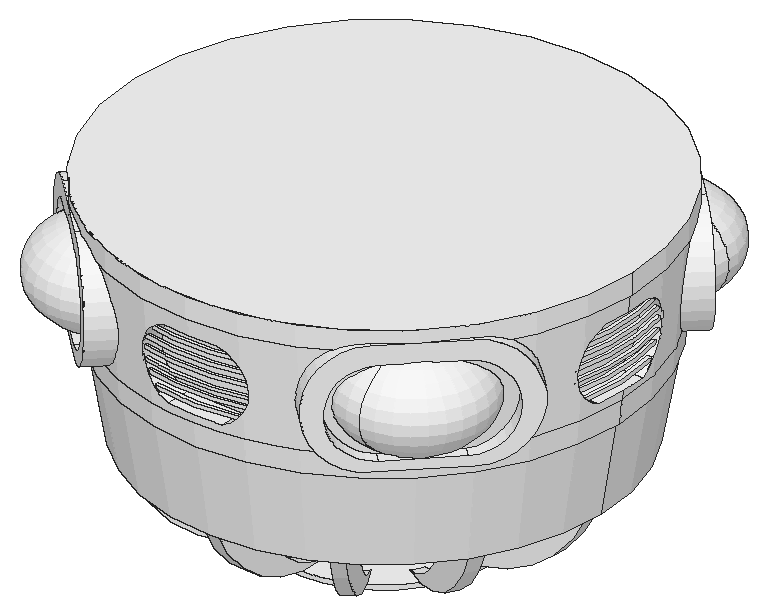
Revit family "Fireclass_Addressable Base Sounder_Visual Alarm Devices", category Fire Alarm Devices, host Ceiling, Revit 2014
Parameters (values of type "Fireclass Addressable Base Sounder-Beacon VAD Standard Power")
  Weight = "187g"
  Warranty Start Date = "TBC"
  Warranty Guarantor Parts = "Contact your supplier. If you don’t have your supplier contact details please contact tfsuk.service@tycoint.com"
  Warranty Guarantor Labor = "Contact your supplier. If you don’t have your supplier contact details please contact tfsuk.service@tycoint.com"
  Warranty Duration Unit = "Year"
  Warranty Duration Parts = "3 years (TBC)"
  Warranty Duration Labor = "3 years"
  Warranty Description = "N/A"
  Voltage = "20V-40V, 35V nominal"
  Version = "1"
  Usage Current = "N/A"
  Uniclass2 = "Pr_70_75_02_97"
  URL = "TBC"
  Time Constant = "N/A"
  Tag Number = "N/A"
  SuistainabilityPerformance = "N/A"
  Storage Temperature = "-25 to +70"
  Size = "N/A"
  Short Circuit Isolators = "Yes"
  Shape = "Circular"
  Serial Number = "N/A"
  Revision = "N/A"
  Replacement Cost = "N/A"
  Relative Humidity = "Up to 95% non-condensing"
  Reference = "N/A"
  Quiescent Current = "400uA"
  Product Specification = "FC440AVB FireClass Addressable Base Sounder Beacon VAD Standard Power"
  Product Information = "TBC"
  Product Codes = "576.440.006"
  Phase Reference = "N/A"
  Phase Angle = "N/A"
  Operation Temperature Range = "-25 to +70"
  Number Of Poles = "N/A"
  Nominal Width = 135.0 mm
  Nominal Voltage = "40 V DC"
  Nominal Length = 135.0 mm
  Nominal Height = 45.0 mm
  Nominal Frequency Range = "N/A"
  Nominal Current = "1.1A"
  Nominal  Diameter = 135.0 mm
  Name = "FC440AVB Add Sdr Base VAD Std"
  NBS Reference = "90-75-30/415"
  NBS Description = "Visual Alarm Signal Devices"
  Model Reference = "FC440AVB FireClass Addressable Base Sounder Beacon VAD Standard Power"
  Model = "FC440AVB"
  Material = "TBC"
  Manufacturer URL = "www.fireclass.co.uk"
  Manufacturer Name = "Tyco Fire Protection Products"
  Manufacturer = "Tyco Fire Protection Products"
  LED = yes
  Insulation Standard Class = "N/A"
  Installation Date = "TBC"
  Ifc Type Object = "IfcBuildingElementProxy"
  Ifc Export Type = "TBC"
  Ifc Export As = "TBC"
  IP_Code = "N/A"
  Heat Sensor Set Point = "N/A"
  Heat Sensor Range = "N/A"
  Heat Sensor Accuracy = "N/A"
  Has Protective Earth = "No"
  Grade = "N/A"
  Finish = "TBC"
  Features = "Addressable Base Sounder-Beacon VAD Standard Power"
  Expected Life = "N/A"
  Electrical Device Nominal Power = "490mW"
  Duration Unit = "Year"
  Device Bases = "N/A"
  Detector Type = "N/A"
  Description = "FC440AVB FireClass Addressable Base Sounder Beacon Visual Alarm Device White LEDs Standard Power"
  Coverage Area = "N/A"
  Constituents = "N/A"
  Colour = Transluscent
  Code Performance = "N/A"
  Category = "Pr_70_75_02_97"
  Brand = "FireClass"
  Bar Code = "N/A"
  BIM Object Name = "Tyco_FireDtctnAlmCtrlIndctEquip_FireClass-AddressableBaseSounderBeaconVADStandardPower-FC440AVB"
  Author = "Tyco Fire Protection Products"
  Asset Type = "Moveable"
  Asset Identifier = "N/A"
  Alarm Current = "14mA"
  Accessibility Performance = "N/A"
Types (2, lengths in mm): name | Product Specification | Product Codes | Name | Model Reference | Model | Features | Electrical Device Nominal Power | Description | BIM Object Name | Alarm Current
  Fireclass Addressable Base Sounder-Beacon VAD Standard Power | "FC440AVB FireClass Addressable Base Sounder Beacon VAD Standard Power" | "576.440.006" | "FC440AVB Add Sdr Base VAD Std" | "FC440AVB FireClass Addressable Base Sounder Beacon VAD Standard Power" | "FC440AVB" | "Addressable Base Sounder-Beacon VAD Standard Power" | "490mW" | "FC440AVB FireClass Addressable Base Sounder Beacon Visual Alarm Device White LEDs Standard Power" | "Tyco_FireDtctnAlmCtrlIndctEquip_FireClass-AddressableBaseSounderBeaconVADStandardPower-FC440AVB" | "14mA"
  Fireclass Addressable Base Sounder-Beacon VAD High Power | "FC441AVB Zettler Addressable Base Sounder Beacon VAD High Power" | "576.080.014" | "FC441AVB Add Sdr Base VAD High" | "FC441AVB FireClass Addressable Base Sounder Beacon VAD High Power" | "FC441AVB" | "Addressable Base Sounder-Beacon VAD High Power" | "1.1W" | "FC441AVB FireClass Addressable Base Sounder Beacon Visual Alarm Device White LEDs High Power" | "Tyco_FireDtct_FireClass-AddressableBaseSounderBeaconVADHighPower-FC441AVB" | "31mA"
Reference planes
  plane 1 "Center (Front/Back)": y = 0
  plane 2: z = 0
  plane 3 "Center (Left/Right)": x = 0
  plane 4 "Ceiling": z = 300
Dimensions and locks
  equal spacing: host sketch curve, plane 3 "Center (Left/Right)", host sketch curve
  equal spacing: host sketch curve, plane 1 "Center (Front/Back)", host sketch curve
  host sketch curve to host sketch curve = 4000.0 mm  (x2)
  host ceiling to plane 4 "Ceiling" = 0.0 mm
  aligned and locked: nested 1 to plane 4 "Ceiling"
  aligned and locked: plane 3 "Center (Left/Right)" to nested 1
  aligned and locked: host ceiling to plane 4 "Ceiling"
Nested families
  nested 1: "Geometry" at (0, 59, 267.9), type "Default"
Connectors
  electrical at (0, 59, 300)
    settings: on nested 1, index 1, voltage 0 V, apparent load 0 VA, apparent load phase1 0 VA, apparent load phase2 0 VA, apparent load phase3 0 VA, power factor 1, load classification "Other", number of poles 1, system type 11, power factor state 1, is connector primary yes, connector utility no, sub classification motor no, connector description ""
Definition of nested family "Geometry"
  Parameters (values of type "Default")
    LED = no
    Colour = White
  Reference planes
    plane 1 "Center (Front/Back)": y = 0
    plane 2: z = 0
    plane 3 "Center (Left/Right)": x = 0
    plane 4: x = 57
    plane 5: x = -57
    plane 6: y = 57
    plane 7: y = -57
    plane 8: z = 5
    plane 9: z = 27.6
    plane 10: z = 32.1
    plane 11: x = 2.5
    plane 12: x = -2.5
    plane 13: y = -48.741
    plane 14: y = -59
    plane 15: z = -20
    plane 16: z = -37
    plane 17: z = -39.8
  Forms (mm)
    Blend 1, solid, material "White", detail levels fine
      base sketch origin (-1351.99, -1524, 27.6) x (-1, 0, 0) y (0, -1, 0)
        loop
          circle (-1351.99, -1524) r 54.5
      top sketch origin (-1351.99, -1524, 27.6) x (-1, 0, 0) y (0, -1, 0)
        loop
          circle (-1351.99, -1524) r 56.5
      from -22.6 to 0
    Blend 2, solid, material "White", detail levels fine
      base sketch origin (0, 0, 0) x (1, 0, 0) y (0, 1, 0)
        loop
          circle (0, 0) r 53.5
      top sketch origin (0, 0, 0) x (1, 0, 0) y (0, 1, 0)
        loop
          circle (0, 0) r 50
      from 0 to -20
    Extrusion 3, void
      sketch origin (0, 0, 0) x (1, 0, 0) y (0, 1, 0)
        loop
          circle (0, 0) r 35
      from 27.6 to -25.632
    Extrusion 4, solid, material "White", detail levels fine
      sketch origin (0, 0, 0) x (1, 0, 0) y (0, 1, 0)
        loop
          circle (0, 0) r 24
      from -39.8 to -38.66
    Extrusion 5, solid, material "White", detail levels fine
      sketch origin (0, 0, 0) x (0, 1, 0) y (0, 0, 1)
        loop
          arc (-48.702, -20) -> (-38.751, -32.501) -> (-24.007, -38.66) r 32.113
          line (-24.007, -38.66) -> (-18.832, -38.66)
          arc (-18.832, -38.66) -> (-30.138, -32.14) -> (-34.93, -20) r 19.795
          line (-34.93, -20) -> (-48.702, -20)
      from -2.5 to 0.5
    Extrusion 6, solid, material "White", visible <- "LED", detail levels fine
      sketch origin (0, 0, 0) x (0.71461, -0.699523, 0) y (0, 0, 1)
        loop
          arc (-9.375, 29.522) -> (-22.375, 16.522) -> (-9.375, 3.522) r 13
          line (-9.375, 3.522) -> (9.375, 3.522)
          arc (9.375, 3.522) -> (22.375, 16.522) -> (9.375, 29.522) r 13
          line (9.375, 29.522) -> (-9.375, 29.522)
        loop
          arc (-8.125, 25.525) -> (-18.066, 15.584) -> (-8.125, 5.643) r 9.941
          line (-8.125, 5.643) -> (8.125, 5.643)
          arc (8.125, 5.643) -> (18.066, 15.584) -> (8.125, 25.525) r 9.941
          line (8.125, 25.525) -> (-8.125, 25.525)
      from 48.741 to 57
    Extrusion 7, void
      sketch origin (0, 0, 0) x (1, 0, 0) y (0, 0, 1)
        loop
          arc (-6.201, 23.765) -> (-12.194, 15.315) -> (-6.201, 6.865) r 8.953
          line (-6.201, 6.865) -> (6.201, 6.865)
          arc (6.201, 6.865) -> (12.194, 15.315) -> (6.201, 23.765) r 8.953
          line (6.201, 23.765) -> (-6.201, 23.765)
      from 48.741 to 57
    Extrusion 8, void
      sketch origin (0, 0, 0) x (0, 1, 0) y (0, 0, 1)
        loop
          arc (-6.201, 23.765) -> (-12.194, 15.315) -> (-6.201, 6.865) r 8.953
          line (-6.201, 6.865) -> (6.201, 6.865)
          arc (6.201, 6.865) -> (12.194, 15.315) -> (6.201, 23.765) r 8.953
          line (6.201, 23.765) -> (-6.201, 23.765)
      from 48.741 to 57
    Extrusion 9, void
      sketch origin (0, 0, 0) x (-1, 0, 0) y (0, 0, 1)
        loop
          arc (-6.201, 23.765) -> (-12.194, 15.315) -> (-6.201, 6.865) r 8.953
          line (-6.201, 6.865) -> (6.201, 6.865)
          arc (6.201, 6.865) -> (12.194, 15.315) -> (6.201, 23.765) r 8.953
          line (6.201, 23.765) -> (-6.201, 23.765)
      from 48.741 to 57
    Extrusion 10, void
      sketch origin (0, 0, 0) x (0, -1, 0) y (0, 0, 1)
        loop
          arc (-6.201, 23.765) -> (-12.194, 15.315) -> (-6.201, 6.865) r 8.953
          line (-6.201, 6.865) -> (6.201, 6.865)
          arc (6.201, 6.865) -> (12.194, 15.315) -> (6.201, 23.765) r 8.953
          line (6.201, 23.765) -> (-6.201, 23.765)
      from 48.741 to 57
    Extrusion 11, solid, material "White", detail levels fine
      sketch origin (-0.938, -2.131, 0.328) x (0, 1, 0) y (-1, 0, 0)
        loop
          arc (15.183, -53.911) -> (2.122, -55.728) -> (-10.989, -54.326) r 54
          line (-10.989, -54.326) -> (-10.334, -55.033)
          arc (-10.334, -55.033) -> (2.097, -56.407) -> (14.479, -54.653) r 50
          line (14.479, -54.653) -> (15.183, -53.911)
      from 20.68 to 21.531
    Blend 12, solid, material "White", detail levels fine
      base sketch origin (0, 0, -39.074) x (1, 0, 0) y (0, 1, 0)
        loop
          circle (0, 0) r 54.5
      top sketch origin (0, 0, -39.074) x (1, 0, 0) y (0, 1, 0)
        loop
          circle (0, 0) r 54
      from 44.074 to 39.074
    Extrusion 13, solid, material "White", detail levels fine
      sketch origin (0, 0, 27.624) x (1, 0, 0) y (0, 1, 0)
        loop
          circle (0, 0) r 57
      from -0.024 to 4.476
    Extrusion 14, solid, material "White", detail levels fine
      sketch origin (0, 0, 0) x (-0.5, 0.866025, 0) y (0, 0, 1)
        loop
          arc (-48.702, -20) -> (-38.751, -32.501) -> (-24.007, -38.66) r 32.113
          line (-24.007, -38.66) -> (-18.832, -38.66)
          arc (-18.832, -38.66) -> (-30.138, -32.14) -> (-34.93, -20) r 19.795
          line (-34.93, -20) -> (-48.702, -20)
      from -2.5 to 0.5
    Extrusion 15, solid, material "White", detail levels fine
      sketch origin (0, 0, 0) x (-0.866025, 0.5, 0) y (0, 0, 1)
        loop
          arc (-48.702, -20) -> (-38.751, -32.501) -> (-24.007, -38.66) r 32.113
          line (-24.007, -38.66) -> (-18.832, -38.66)
          arc (-18.832, -38.66) -> (-30.138, -32.14) -> (-34.93, -20) r 19.795
          line (-34.93, -20) -> (-48.702, -20)
      from -2.5 to 0.5
    Extrusion 16, solid, material "White", detail levels fine
      sketch origin (0, 0, 0) x (-1, 0, 0) y (0, 0, 1)
        loop
          arc (-48.702, -20) -> (-38.751, -32.501) -> (-24.007, -38.66) r 32.113
          line (-24.007, -38.66) -> (-18.832, -38.66)
          arc (-18.832, -38.66) -> (-30.138, -32.14) -> (-34.93, -20) r 19.795
          line (-34.93, -20) -> (-48.702, -20)
      from -2.5 to 0.5
    Extrusion 17, solid, material "White", detail levels fine
      sketch origin (0, 0, 0) x (-0.866025, -0.5, 0) y (0, 0, 1)
        loop
          arc (-48.702, -20) -> (-38.751, -32.501) -> (-24.007, -38.66) r 32.113
          line (-24.007, -38.66) -> (-18.832, -38.66)
          arc (-18.832, -38.66) -> (-30.138, -32.14) -> (-34.93, -20) r 19.795
          line (-34.93, -20) -> (-48.702, -20)
      from -2.5 to 0.5
    Extrusion 18, solid, material "White", detail levels fine
      sketch origin (0, 0, 0) x (-0.5, -0.866025, 0) y (0, 0, 1)
        loop
          arc (-48.702, -20) -> (-38.751, -32.501) -> (-24.007, -38.66) r 32.113
          line (-24.007, -38.66) -> (-18.832, -38.66)
          arc (-18.832, -38.66) -> (-30.138, -32.14) -> (-34.93, -20) r 19.795
          line (-34.93, -20) -> (-48.702, -20)
      from -2.5 to 0.5
    Extrusion 19, solid, material "White", detail levels fine
      sketch origin (0, 0, 0) x (0, -1, 0) y (0, 0, 1)
        loop
          arc (-48.702, -20) -> (-38.751, -32.501) -> (-24.007, -38.66) r 32.113
          line (-24.007, -38.66) -> (-18.832, -38.66)
          arc (-18.832, -38.66) -> (-30.138, -32.14) -> (-34.93, -20) r 19.795
          line (-34.93, -20) -> (-48.702, -20)
      from -2.5 to 0.5
    Extrusion 20, solid, material "White", detail levels fine
      sketch origin (0, 0, 0) x (0.5, -0.866025, 0) y (0, 0, 1)
        loop
          arc (-48.702, -20) -> (-38.751, -32.501) -> (-24.007, -38.66) r 32.113
          line (-24.007, -38.66) -> (-18.832, -38.66)
          arc (-18.832, -38.66) -> (-30.138, -32.14) -> (-34.93, -20) r 19.795
          line (-34.93, -20) -> (-48.702, -20)
      from -2.5 to 0.5
    Extrusion 21, solid, material "White", detail levels fine
      sketch origin (0, 0, 0) x (0.866025, -0.5, 0) y (0, 0, 1)
        loop
          arc (-48.702, -20) -> (-38.751, -32.501) -> (-24.007, -38.66) r 32.113
          line (-24.007, -38.66) -> (-18.832, -38.66)
          arc (-18.832, -38.66) -> (-30.138, -32.14) -> (-34.93, -20) r 19.795
          line (-34.93, -20) -> (-48.702, -20)
      from -2.5 to 0.5
    Extrusion 22, solid, material "White", detail levels fine
      sketch origin (0, 0, 0) x (1, 0, 0) y (0, 0, 1)
        loop
          arc (-48.702, -20) -> (-38.751, -32.501) -> (-24.007, -38.66) r 32.113
          line (-24.007, -38.66) -> (-18.832, -38.66)
          arc (-18.832, -38.66) -> (-30.138, -32.14) -> (-34.93, -20) r 19.795
          line (-34.93, -20) -> (-48.702, -20)
      from -2.5 to 0.5
    Extrusion 23, solid, material "White", detail levels fine
      sketch origin (0, 0, 0) x (0.866025, 0.5, 0) y (0, 0, 1)
        loop
          arc (-48.702, -20) -> (-38.751, -32.501) -> (-24.007, -38.66) r 32.113
          line (-24.007, -38.66) -> (-18.832, -38.66)
          arc (-18.832, -38.66) -> (-30.138, -32.14) -> (-34.93, -20) r 19.795
          line (-34.93, -20) -> (-48.702, -20)
      from -2.5 to 0.5
    Extrusion 24, solid, material "White", detail levels fine
      sketch origin (0, 0, 0) x (0.5, 0.866025, 0) y (0, 0, 1)
        loop
          arc (-48.702, -20) -> (-38.751, -32.501) -> (-24.007, -38.66) r 32.113
          line (-24.007, -38.66) -> (-18.832, -38.66)
          arc (-18.832, -38.66) -> (-30.138, -32.14) -> (-34.93, -20) r 19.795
          line (-34.93, -20) -> (-48.702, -20)
      from -2.5 to 0.5
    Extrusion 25, solid, material "White", detail levels fine
      sketch origin (-0.938, -2.131, -2.172) x (0, 1, 0) y (-1, 0, 0)
        loop
          arc (15.183, -53.911) -> (2.122, -55.728) -> (-10.989, -54.326) r 54
          line (-10.989, -54.326) -> (-10.334, -55.033)
          arc (-10.334, -55.033) -> (2.097, -56.407) -> (14.479, -54.653) r 50
          line (14.479, -54.653) -> (15.183, -53.911)
      from 20.68 to 21.531
    Extrusion 26, solid, material "White", detail levels fine
      sketch origin (-1.094, -2.131, -4.672) x (0, 1, 0) y (-1, 0, 0)
        loop
          arc (15.183, -53.911) -> (2.122, -55.728) -> (-10.989, -54.326) r 54
          line (-10.989, -54.326) -> (-10.334, -55.033)
          arc (-10.334, -55.033) -> (2.096, -56.345) -> (14.479, -54.653) r 52
          line (14.479, -54.653) -> (15.183, -53.911)
      from 20.68 to 21.531
    Extrusion 27, solid, material "White", detail levels fine
      sketch origin (-1.328, -2.131, -7.172) x (0, 1, 0) y (-1, 0, 0)
        loop
          arc (15.207, -53.886) -> (2.122, -55.595) -> (-11.012, -54.302) r 58
          line (-11.012, -54.302) -> (-10.334, -55.033)
          arc (-10.334, -55.033) -> (2.098, -56.474) -> (14.479, -54.653) r 48
          line (14.479, -54.653) -> (15.207, -53.886)
      from 20.68 to 21.28
    Extrusion 28, solid, material "White", detail levels fine
      sketch origin (-1.641, -2.131, -9.672) x (0, 1, 0) y (-1, 0, 0)
        loop
          arc (15.183, -53.911) -> (2.122, -55.728) -> (-10.989, -54.326) r 54
          line (-10.989, -54.326) -> (-10.334, -55.033)
          arc (-10.334, -55.033) -> (2.097, -56.407) -> (14.479, -54.653) r 50
          line (14.479, -54.653) -> (15.183, -53.911)
      from 20.68 to 21.531
    Extrusion 29, solid, material "White", detail levels fine
      sketch origin (-2.246, -2.131, -12.172) x (0, 1, 0) y (-1, 0, 0)
        loop
          arc (12.718, -54.897) -> (2.177, -56.003) -> (-8.395, -55.237) r 59.994
          line (-8.395, -55.237) -> (-7.898, -56.011)
          arc (-7.898, -56.011) -> (2.019, -56.917) -> (11.91, -55.757) r 47.992
          line (11.91, -55.757) -> (12.718, -54.897)
      from 20.68 to 21.48
    Extrusion 30, solid, material "White", detail levels fine
      sketch origin (2.131, -0.938, 0.328) x (-1, 0, 0) y (0, -1, 0)
        loop
          arc (15.183, -53.911) -> (2.122, -55.728) -> (-10.989, -54.326) r 54
          line (-10.989, -54.326) -> (-10.334, -55.033)
          arc (-10.334, -55.033) -> (2.097, -56.407) -> (14.479, -54.653) r 50
          line (14.479, -54.653) -> (15.183, -53.911)
      from 20.68 to 21.531
    Extrusion 31, solid, material "White", detail levels fine
      sketch origin (2.131, -0.938, -2.172) x (-1, 0, 0) y (0, -1, 0)
        loop
          arc (15.183, -53.911) -> (2.122, -55.728) -> (-10.989, -54.326) r 54
          line (-10.989, -54.326) -> (-10.334, -55.033)
          arc (-10.334, -55.033) -> (2.097, -56.407) -> (14.479, -54.653) r 50
          line (14.479, -54.653) -> (15.183, -53.911)
      from 20.68 to 21.531
    Extrusion 32, solid, material "White", detail levels fine
      sketch origin (2.131, -1.094, -4.672) x (-1, 0, 0) y (0, -1, 0)
        loop
          arc (15.183, -53.911) -> (2.122, -55.728) -> (-10.989, -54.326) r 54
          line (-10.989, -54.326) -> (-10.334, -55.033)
          arc (-10.334, -55.033) -> (2.096, -56.345) -> (14.479, -54.653) r 52
          line (14.479, -54.653) -> (15.183, -53.911)
      from 20.68 to 21.531
    Extrusion 33, solid, material "White", detail levels fine
      sketch origin (2.131, -1.328, -7.172) x (-1, 0, 0) y (0, -1, 0)
        loop
          arc (15.207, -53.886) -> (2.122, -55.595) -> (-11.012, -54.302) r 58
          line (-11.012, -54.302) -> (-10.334, -55.033)
          arc (-10.334, -55.033) -> (2.098, -56.474) -> (14.479, -54.653) r 48
          line (14.479, -54.653) -> (15.207, -53.886)
      from 20.68 to 21.28
    Extrusion 34, solid, material "White", detail levels fine
      sketch origin (2.131, -1.641, -9.672) x (-1, 0, 0) y (0, -1, 0)
        loop
          arc (15.183, -53.911) -> (2.122, -55.728) -> (-10.989, -54.326) r 54
          line (-10.989, -54.326) -> (-10.334, -55.033)
          arc (-10.334, -55.033) -> (2.097, -56.407) -> (14.479, -54.653) r 50
          line (14.479, -54.653) -> (15.183, -53.911)
      from 20.68 to 21.531
    Extrusion 35, solid, material "White", detail levels fine
      sketch origin (2.131, -2.246, -12.172) x (-1, 0, 0) y (0, -1, 0)
        loop
          arc (12.718, -54.897) -> (2.177, -56.003) -> (-8.395, -55.237) r 59.994
          line (-8.395, -55.237) -> (-7.898, -56.011)
          arc (-7.898, -56.011) -> (2.019, -56.917) -> (11.91, -55.757) r 47.992
          line (11.91, -55.757) -> (12.718, -54.897)
      from 20.68 to 21.48
    Extrusion 36, solid, material "White", detail levels fine
      sketch origin (0.938, 2.131, 0.328) x (0, -1, 0) y (1, 0, 0)
        loop
          arc (15.183, -53.911) -> (2.122, -55.728) -> (-10.989, -54.326) r 54
          line (-10.989, -54.326) -> (-10.334, -55.033)
          arc (-10.334, -55.033) -> (2.097, -56.407) -> (14.479, -54.653) r 50
          line (14.479, -54.653) -> (15.183, -53.911)
      from 20.68 to 21.531
    Extrusion 37, solid, material "White", detail levels fine
      sketch origin (0.938, 2.131, -2.172) x (0, -1, 0) y (1, 0, 0)
        loop
          arc (15.183, -53.911) -> (2.122, -55.728) -> (-10.989, -54.326) r 54
          line (-10.989, -54.326) -> (-10.334, -55.033)
          arc (-10.334, -55.033) -> (2.097, -56.407) -> (14.479, -54.653) r 50
          line (14.479, -54.653) -> (15.183, -53.911)
      from 20.68 to 21.531
    Extrusion 38, solid, material "White", detail levels fine
      sketch origin (1.094, 2.131, -4.672) x (0, -1, 0) y (1, 0, 0)
        loop
          arc (15.183, -53.911) -> (2.122, -55.728) -> (-10.989, -54.326) r 54
          line (-10.989, -54.326) -> (-10.334, -55.033)
          arc (-10.334, -55.033) -> (2.096, -56.345) -> (14.479, -54.653) r 52
          line (14.479, -54.653) -> (15.183, -53.911)
      from 20.68 to 21.531
    Extrusion 39, solid, material "White", detail levels fine
      sketch origin (1.328, 2.131, -7.172) x (0, -1, 0) y (1, 0, 0)
        loop
          arc (15.207, -53.886) -> (2.122, -55.595) -> (-11.012, -54.302) r 58
          line (-11.012, -54.302) -> (-10.334, -55.033)
          arc (-10.334, -55.033) -> (2.098, -56.474) -> (14.479, -54.653) r 48
          line (14.479, -54.653) -> (15.207, -53.886)
      from 20.68 to 21.28
    Extrusion 40, solid, material "White", detail levels fine
      sketch origin (1.641, 2.131, -9.672) x (0, -1, 0) y (1, 0, 0)
        loop
          arc (15.183, -53.911) -> (2.122, -55.728) -> (-10.989, -54.326) r 54
          line (-10.989, -54.326) -> (-10.334, -55.033)
          arc (-10.334, -55.033) -> (2.097, -56.407) -> (14.479, -54.653) r 50
          line (14.479, -54.653) -> (15.183, -53.911)
      from 20.68 to 21.531
    Extrusion 41, solid, material "White", detail levels fine
      sketch origin (2.246, 2.131, -12.172) x (0, -1, 0) y (1, 0, 0)
        loop
          arc (12.718, -54.897) -> (2.177, -56.003) -> (-8.395, -55.237) r 59.994
          line (-8.395, -55.237) -> (-7.898, -56.011)
          arc (-7.898, -56.011) -> (2.019, -56.917) -> (11.91, -55.757) r 47.992
          line (11.91, -55.757) -> (12.718, -54.897)
      from 20.68 to 21.48
    Extrusion 42, solid, material "White", detail levels fine
      sketch origin (-2.131, 0.938, 0.328) x (1, 0, 0) y (0, 1, 0)
        loop
          arc (15.183, -53.911) -> (2.122, -55.728) -> (-10.989, -54.326) r 54
          line (-10.989, -54.326) -> (-10.334, -55.033)
          arc (-10.334, -55.033) -> (2.097, -56.407) -> (14.479, -54.653) r 50
          line (14.479, -54.653) -> (15.183, -53.911)
      from 20.68 to 21.531
    Extrusion 43, solid, material "White", detail levels fine
      sketch origin (-2.131, 0.938, -2.172) x (1, 0, 0) y (0, 1, 0)
        loop
          arc (15.183, -53.911) -> (2.122, -55.728) -> (-10.989, -54.326) r 54
          line (-10.989, -54.326) -> (-10.334, -55.033)
          arc (-10.334, -55.033) -> (2.097, -56.407) -> (14.479, -54.653) r 50
          line (14.479, -54.653) -> (15.183, -53.911)
      from 20.68 to 21.531
    Extrusion 44, solid, material "White", detail levels fine
      sketch origin (-2.131, 1.094, -4.672) x (1, 0, 0) y (0, 1, 0)
        loop
          arc (15.183, -53.911) -> (2.122, -55.728) -> (-10.989, -54.326) r 54
          line (-10.989, -54.326) -> (-10.334, -55.033)
          arc (-10.334, -55.033) -> (2.096, -56.345) -> (14.479, -54.653) r 52
          line (14.479, -54.653) -> (15.183, -53.911)
      from 20.68 to 21.531
    Extrusion 45, solid, material "White", detail levels fine
      sketch origin (-2.131, 1.328, -7.172) x (1, 0, 0) y (0, 1, 0)
        loop
          arc (15.207, -53.886) -> (2.122, -55.595) -> (-11.012, -54.302) r 58
          line (-11.012, -54.302) -> (-10.334, -55.033)
          arc (-10.334, -55.033) -> (2.098, -56.474) -> (14.479, -54.653) r 48
          line (14.479, -54.653) -> (15.207, -53.886)
      from 20.68 to 21.28
    Extrusion 46, solid, material "White", detail levels fine
      sketch origin (-2.131, 1.641, -9.672) x (1, 0, 0) y (0, 1, 0)
        loop
          arc (15.183, -53.911) -> (2.122, -55.728) -> (-10.989, -54.326) r 54
          line (-10.989, -54.326) -> (-10.334, -55.033)
          arc (-10.334, -55.033) -> (2.097, -56.407) -> (14.479, -54.653) r 50
          line (14.479, -54.653) -> (15.183, -53.911)
      from 20.68 to 21.531
    Extrusion 47, solid, material "White", detail levels fine
      sketch origin (-2.131, 2.246, -12.172) x (1, 0, 0) y (0, 1, 0)
        loop
          arc (12.718, -54.897) -> (2.177, -56.003) -> (-8.395, -55.237) r 59.994
          line (-8.395, -55.237) -> (-7.898, -56.011)
          arc (-7.898, -56.011) -> (2.019, -56.917) -> (11.91, -55.757) r 47.992
          line (11.91, -55.757) -> (12.718, -54.897)
      from 20.68 to 21.48
    Extrusion 48, solid, material "White", visible <- "LED", detail levels fine
      sketch origin (0.11, -0.11, 0) x (0.699523, 0.71461, 0) y (0, 0, 1)
        loop
          arc (-9.375, 29.522) -> (-22.375, 16.522) -> (-9.375, 3.522) r 13
          line (-9.375, 3.522) -> (9.375, 3.522)
          arc (9.375, 3.522) -> (22.375, 16.522) -> (9.375, 29.522) r 13
          line (9.375, 29.522) -> (-9.375, 29.522)
        loop
          arc (-8.125, 25.525) -> (-18.066, 15.584) -> (-8.125, 5.643) r 9.941
          line (-8.125, 5.643) -> (8.125, 5.643)
          arc (8.125, 5.643) -> (18.066, 15.584) -> (8.125, 25.525) r 9.941
          line (8.125, 25.525) -> (-8.125, 25.525)
      from 48.741 to 57
    Extrusion 49, solid, material "White", visible <- "LED", detail levels fine
      sketch origin (0, 0, 0) x (-0.71461, 0.699523, 0) y (0, 0, 1)
        loop
          arc (-9.375, 29.522) -> (-22.375, 16.522) -> (-9.375, 3.522) r 13
          line (-9.375, 3.522) -> (9.375, 3.522)
          arc (9.375, 3.522) -> (22.375, 16.522) -> (9.375, 29.522) r 13
          line (9.375, 29.522) -> (-9.375, 29.522)
        loop
          arc (-8.125, 25.525) -> (-18.066, 15.584) -> (-8.125, 5.643) r 9.941
          line (-8.125, 5.643) -> (8.125, 5.643)
          arc (8.125, 5.643) -> (18.066, 15.584) -> (8.125, 25.525) r 9.941
          line (8.125, 25.525) -> (-8.125, 25.525)
      from 48.741 to 57
    Extrusion 50, solid, material "White", visible <- "LED", detail levels fine
      sketch origin (0, 0, 0) x (-0.699523, -0.71461, 0) y (0, 0, 1)
        loop
          arc (-9.375, 29.522) -> (-22.375, 16.522) -> (-9.375, 3.522) r 13
          line (-9.375, 3.522) -> (9.375, 3.522)
          arc (9.375, 3.522) -> (22.375, 16.522) -> (9.375, 29.522) r 13
          line (9.375, 29.522) -> (-9.375, 29.522)
        loop
          arc (-8.125, 25.525) -> (-18.066, 15.584) -> (-8.125, 5.643) r 9.941
          line (-8.125, 5.643) -> (8.125, 5.643)
          arc (8.125, 5.643) -> (18.066, 15.584) -> (8.125, 25.525) r 9.941
          line (8.125, 25.525) -> (-8.125, 25.525)
      from 48.741 to 57
    Blend 51, solid, material "White" <- "Colour", detail levels coarse+medium
      base sketch origin (0, 0, 0) x (1, 0, 0) y (0, 1, 0)
        loop
          circle (0, 0) r 75
      top sketch origin (0, 0, 0) x (1, 0, 0) y (0, 1, 0)
        loop
          circle (0, 0) r 38
      from 32.1 to -39.8
  Cuts and joins
    Extrusion 3, Extrusion 7, Extrusion 8, Extrusion 9, Extrusion 10 cuts Blend 1
    Extrusion 3 cuts Blend 2
  Dimensions and locks
    equal spacing: plane 5, plane 3 "Center (Left/Right)", plane 4
    plane 5 to plane 4 = 114.0 mm
    equal spacing: plane 7, plane 1 "Center (Front/Back)", plane 6
    plane 7 to plane 6 = 114.0 mm
    plane 9 to plane 8 = 22.6 mm
    plane 8 to level = 5.0 mm
    plane 10 to plane 9 = 4.5 mm
    aligned and locked: level to plane 2
    aligned and locked: Extrusion 5 to plane 12
    aligned and locked: Extrusion 7 to plane 13
    aligned and locked: plane 7 to Extrusion 7
    aligned and locked: plane 9 to Blend 1
    aligned and locked: Blend 1 to plane 8
    aligned and locked: Extrusion 13 to plane 9
    aligned and locked: plane 10 to Extrusion 13
    aligned and locked: plane 8 to Blend 12
    aligned and locked: Blend 12 to level
    aligned and locked: Blend 1 to Extrusion 3
    aligned and locked: level to Blend 2
    aligned and locked: Blend 2 to plane 15
    aligned and locked: Extrusion 4 to plane 17
    aligned and locked: Extrusion 4 to Extrusion 5
    aligned and locked: Blend 51 to Extrusion 4
  Automatic sketch dimensions
    plane 1 "Center (Front/Back)" to Blend 1 sketch curve = 0.0 mm  (x2)
    Blend 1 sketch curve to plane 3 "Center (Left/Right)" = 0.0 mm  (x2)
    plane 1 "Center (Front/Back)" to Blend 2 sketch curve = 0.0 mm  (x2)
    Blend 2 sketch curve to plane 3 "Center (Left/Right)" = 0.0 mm  (x2)
    Extrusion 3 sketch curve to Extrusion 3 sketch curve = 0.0 mm  (x2)
    Extrusion 3 sketch curve to plane 3 "Center (Left/Right)" = 0.0 mm
    plane 1 "Center (Front/Back)" to Extrusion 3 sketch curve = 0.0 mm
    Extrusion 3 sketch curve to plane 13 = 13.741 mm
    plane 1 "Center (Front/Back)" to Extrusion 4 sketch curve = 0.0 mm
    Extrusion 4 sketch curve to plane 3 "Center (Left/Right)" = 0.0 mm
    Extrusion 6 sketch curve to Extrusion 6 sketch curve = 1.25 mm  (x2)
    Extrusion 6 sketch curve to Extrusion 6 sketch curve = 0.938 mm
    Extrusion 6 sketch curve to Extrusion 6 sketch curve = 18.75 mm
    Extrusion 7 sketch curve to plane 12 = 3.701 mm  (x2)
    Extrusion 7 sketch curve to plane 12 = 0.741 mm
    plane 11 to Extrusion 7 sketch curve = 0.741 mm
    plane 11 to Extrusion 7 sketch curve = 3.701 mm  (x2)
    plane 8 to Extrusion 7 sketch curve = 1.865 mm
    Extrusion 7 sketch curve to Extrusion 7 sketch curve = 8.45 mm
    plane 8 to Extrusion 8 sketch curve = 1.865 mm
    plane 1 "Center (Front/Back)" to Extrusion 8 sketch curve = 6.201 mm  (x2)
    Extrusion 8 sketch curve to plane 9 = 3.835 mm
    plane 1 "Center (Front/Back)" to Extrusion 8 sketch curve = 3.241 mm
    Extrusion 8 sketch curve to plane 1 "Center (Front/Back)" = 3.241 mm
    Extrusion 8 sketch curve to plane 1 "Center (Front/Back)" = 6.201 mm  (x2)
    plane 11 to Extrusion 9 sketch curve = 3.701 mm  (x2)
    plane 11 to Extrusion 9 sketch curve = 0.741 mm
    Extrusion 9 sketch curve to plane 12 = 0.741 mm
    Extrusion 9 sketch curve to plane 12 = 3.701 mm  (x2)
    plane 8 to Extrusion 9 sketch curve = 1.865 mm
    Extrusion 9 sketch curve to Extrusion 9 sketch curve = 8.45 mm
    plane 8 to Extrusion 10 sketch curve = 1.865 mm
    Extrusion 10 sketch curve to plane 1 "Center (Front/Back)" = 6.201 mm  (x2)
    Extrusion 10 sketch curve to plane 9 = 3.835 mm
    Extrusion 10 sketch curve to plane 1 "Center (Front/Back)" = 3.241 mm
    plane 1 "Center (Front/Back)" to Extrusion 10 sketch curve = 3.241 mm
    plane 1 "Center (Front/Back)" to Extrusion 10 sketch curve = 6.201 mm  (x2)
    Extrusion 11 sketch curve to Extrusion 11 sketch curve = 0.655 mm
    Extrusion 11 sketch curve to Extrusion 11 sketch curve = 0.704 mm
    Extrusion 11 sketch curve to Extrusion 11 sketch curve = 0.38 mm
    Extrusion 11 sketch curve to Extrusion 11 sketch curve = 0.706 mm
    Extrusion 11 sketch curve to Extrusion 11 sketch curve = 12.321 mm
    Extrusion 11 sketch curve to Extrusion 11 sketch curve = 0.065 mm
    Extrusion 11 sketch curve to Extrusion 11 sketch curve = 24.813 mm
    Extrusion 11 sketch curve to Extrusion 11 sketch curve = 0.742 mm
    plane 1 "Center (Front/Back)" to Blend 12 sketch curve = 0.0 mm  (x2)
    Blend 12 sketch curve to plane 3 "Center (Left/Right)" = 0.0 mm  (x2)
    plane 1 "Center (Front/Back)" to Extrusion 13 sketch curve = 0.0 mm
    Extrusion 13 sketch curve to plane 3 "Center (Left/Right)" = 0.0 mm
    Extrusion 5 sketch curve to Extrusion 5 sketch curve = 10.923 mm
    Extrusion 5 sketch curve to Extrusion 5 sketch curve = 5.175 mm
    Extrusion 5 sketch curve to Extrusion 5 sketch curve = 4.241 mm
    Extrusion 5 sketch curve to Extrusion 5 sketch curve = 12.33 mm
    Extrusion 5 sketch curve to Extrusion 5 sketch curve = 13.772 mm
    Extrusion 5 sketch curve to Extrusion 5 sketch curve = 15.539 mm
    Extrusion 14 sketch curve to Extrusion 14 sketch curve = 10.923 mm
    Extrusion 14 sketch curve to Extrusion 14 sketch curve = 5.175 mm
    Extrusion 14 sketch curve to Extrusion 14 sketch curve = 4.241 mm
    Extrusion 14 sketch curve to Extrusion 14 sketch curve = 12.33 mm
    Extrusion 14 sketch curve to Extrusion 14 sketch curve = 13.772 mm
    Extrusion 14 sketch curve to Extrusion 14 sketch curve = 15.539 mm
    Extrusion 15 sketch curve to Extrusion 15 sketch curve = 10.923 mm
    Extrusion 15 sketch curve to Extrusion 15 sketch curve = 5.175 mm
    Extrusion 15 sketch curve to Extrusion 15 sketch curve = 4.241 mm
    Extrusion 15 sketch curve to Extrusion 15 sketch curve = 12.33 mm
    Extrusion 15 sketch curve to Extrusion 15 sketch curve = 13.772 mm
    Extrusion 15 sketch curve to Extrusion 15 sketch curve = 15.539 mm
    Extrusion 16 sketch curve to Extrusion 16 sketch curve = 10.923 mm
    Extrusion 16 sketch curve to Extrusion 16 sketch curve = 5.175 mm
    Extrusion 16 sketch curve to Extrusion 16 sketch curve = 4.241 mm
    Extrusion 16 sketch curve to Extrusion 16 sketch curve = 12.33 mm
    Extrusion 16 sketch curve to Extrusion 16 sketch curve = 13.772 mm
    Extrusion 16 sketch curve to Extrusion 16 sketch curve = 15.539 mm
    Extrusion 17 sketch curve to Extrusion 17 sketch curve = 10.923 mm
    Extrusion 17 sketch curve to Extrusion 17 sketch curve = 5.175 mm
    Extrusion 17 sketch curve to Extrusion 17 sketch curve = 4.241 mm
    Extrusion 17 sketch curve to Extrusion 17 sketch curve = 12.33 mm
    Extrusion 17 sketch curve to Extrusion 17 sketch curve = 13.772 mm
    Extrusion 17 sketch curve to Extrusion 17 sketch curve = 15.539 mm
    Extrusion 18 sketch curve to Extrusion 18 sketch curve = 10.923 mm
    Extrusion 18 sketch curve to Extrusion 18 sketch curve = 5.175 mm
    Extrusion 18 sketch curve to Extrusion 18 sketch curve = 4.241 mm
    Extrusion 18 sketch curve to Extrusion 18 sketch curve = 12.33 mm
    Extrusion 18 sketch curve to Extrusion 18 sketch curve = 13.772 mm
    Extrusion 18 sketch curve to Extrusion 18 sketch curve = 15.539 mm
    Extrusion 19 sketch curve to Extrusion 19 sketch curve = 10.923 mm
    Extrusion 19 sketch curve to Extrusion 19 sketch curve = 5.175 mm
    Extrusion 19 sketch curve to Extrusion 19 sketch curve = 4.241 mm
    Extrusion 19 sketch curve to Extrusion 19 sketch curve = 12.33 mm
    Extrusion 19 sketch curve to Extrusion 19 sketch curve = 13.772 mm
    Extrusion 19 sketch curve to Extrusion 19 sketch curve = 15.539 mm
    Extrusion 20 sketch curve to Extrusion 20 sketch curve = 10.923 mm
    Extrusion 20 sketch curve to Extrusion 20 sketch curve = 5.175 mm
    Extrusion 20 sketch curve to Extrusion 20 sketch curve = 4.241 mm
    Extrusion 20 sketch curve to Extrusion 20 sketch curve = 12.33 mm
    Extrusion 20 sketch curve to Extrusion 20 sketch curve = 13.772 mm
    Extrusion 20 sketch curve to Extrusion 20 sketch curve = 15.539 mm
    Extrusion 21 sketch curve to Extrusion 21 sketch curve = 10.923 mm
    Extrusion 21 sketch curve to Extrusion 21 sketch curve = 5.175 mm
    Extrusion 21 sketch curve to Extrusion 21 sketch curve = 4.241 mm
    Extrusion 21 sketch curve to Extrusion 21 sketch curve = 12.33 mm
    Extrusion 21 sketch curve to Extrusion 21 sketch curve = 13.772 mm
    Extrusion 21 sketch curve to Extrusion 21 sketch curve = 15.539 mm
    Extrusion 22 sketch curve to Extrusion 22 sketch curve = 10.923 mm
    Extrusion 22 sketch curve to Extrusion 22 sketch curve = 5.175 mm
    Extrusion 22 sketch curve to Extrusion 22 sketch curve = 4.241 mm
    Extrusion 22 sketch curve to Extrusion 22 sketch curve = 12.33 mm
    Extrusion 22 sketch curve to Extrusion 22 sketch curve = 13.772 mm
    Extrusion 22 sketch curve to Extrusion 22 sketch curve = 15.539 mm
    Extrusion 23 sketch curve to Extrusion 23 sketch curve = 10.923 mm
    Extrusion 23 sketch curve to Extrusion 23 sketch curve = 5.175 mm
    Extrusion 23 sketch curve to Extrusion 23 sketch curve = 4.241 mm
    Extrusion 23 sketch curve to Extrusion 23 sketch curve = 12.33 mm
    Extrusion 23 sketch curve to Extrusion 23 sketch curve = 13.772 mm
    Extrusion 23 sketch curve to Extrusion 23 sketch curve = 15.539 mm
    Extrusion 24 sketch curve to Extrusion 24 sketch curve = 10.923 mm
    Extrusion 24 sketch curve to Extrusion 24 sketch curve = 5.175 mm
    Extrusion 24 sketch curve to Extrusion 24 sketch curve = 4.241 mm
    Extrusion 24 sketch curve to Extrusion 24 sketch curve = 12.33 mm
    Extrusion 24 sketch curve to Extrusion 24 sketch curve = 13.772 mm
    Extrusion 24 sketch curve to Extrusion 24 sketch curve = 15.539 mm
    plane 15 to Extrusion 17 sketch curve = 0.0 mm
    plane 15 to Extrusion 18 sketch curve = 0.0 mm
    Extrusion 16 sketch curve to plane 15 = 0.0 mm
    Extrusion 16 sketch curve to plane 4 = 8.298 mm
    Extrusion 23 sketch curve to plane 15 = 0.0 mm
    Extrusion 24 sketch curve to plane 15 = 0.0 mm
    plane 15 to Extrusion 15 sketch curve = 0.0 mm
    Extrusion 5 sketch curve to plane 15 = 0.0 mm
    Extrusion 5 sketch curve to plane 13 = 0.039 mm
    Extrusion 20 sketch curve to plane 15 = 0.0 mm
    Extrusion 21 sketch curve to plane 15 = 0.0 mm
    Extrusion 19 sketch curve to plane 15 = 0.0 mm
    plane 6 to Extrusion 19 sketch curve = 8.298 mm
    plane 15 to Extrusion 14 sketch curve = 0.0 mm
    Extrusion 22 sketch curve to plane 15 = 0.0 mm
    plane 5 to Extrusion 22 sketch curve = 8.298 mm
    Extrusion 25 sketch curve to Extrusion 25 sketch curve = 0.655 mm
    Extrusion 25 sketch curve to Extrusion 25 sketch curve = 0.704 mm
    Extrusion 25 sketch curve to Extrusion 25 sketch curve = 0.38 mm
    Extrusion 25 sketch curve to Extrusion 25 sketch curve = 0.706 mm
    Extrusion 25 sketch curve to Extrusion 25 sketch curve = 12.321 mm
    Extrusion 25 sketch curve to Extrusion 25 sketch curve = 0.065 mm
    Extrusion 25 sketch curve to Extrusion 25 sketch curve = 24.813 mm
    Extrusion 25 sketch curve to Extrusion 25 sketch curve = 0.742 mm
    Extrusion 26 sketch curve to Extrusion 26 sketch curve = 0.655 mm
    Extrusion 26 sketch curve to Extrusion 26 sketch curve = 0.704 mm
    Extrusion 26 sketch curve to Extrusion 26 sketch curve = 0.38 mm
    Extrusion 26 sketch curve to Extrusion 26 sketch curve = 0.706 mm
    Extrusion 26 sketch curve to Extrusion 26 sketch curve = 12.289 mm
    Extrusion 26 sketch curve to Extrusion 26 sketch curve = 0.034 mm
    Extrusion 26 sketch curve to Extrusion 26 sketch curve = 24.813 mm
    Extrusion 26 sketch curve to Extrusion 26 sketch curve = 0.742 mm
    Extrusion 27 sketch curve to Extrusion 27 sketch curve = 0.678 mm
    Extrusion 27 sketch curve to Extrusion 27 sketch curve = 0.728 mm
    Extrusion 27 sketch curve to Extrusion 27 sketch curve = 0.38 mm
    Extrusion 27 sketch curve to Extrusion 27 sketch curve = 0.731 mm
    Extrusion 27 sketch curve to Extrusion 27 sketch curve = 12.375 mm
    Extrusion 27 sketch curve to Extrusion 27 sketch curve = 0.162 mm
    Extrusion 27 sketch curve to Extrusion 27 sketch curve = 24.813 mm
    Extrusion 27 sketch curve to Extrusion 27 sketch curve = 0.767 mm
    Extrusion 28 sketch curve to Extrusion 28 sketch curve = 0.655 mm
    Extrusion 28 sketch curve to Extrusion 28 sketch curve = 0.704 mm
    Extrusion 28 sketch curve to Extrusion 28 sketch curve = 0.38 mm
    Extrusion 28 sketch curve to Extrusion 28 sketch curve = 0.706 mm
    Extrusion 28 sketch curve to Extrusion 28 sketch curve = 12.321 mm
    Extrusion 28 sketch curve to Extrusion 28 sketch curve = 0.065 mm
    Extrusion 28 sketch curve to Extrusion 28 sketch curve = 24.813 mm
    Extrusion 28 sketch curve to Extrusion 28 sketch curve = 0.742 mm
    Extrusion 29 sketch curve to Extrusion 29 sketch curve = 0.808 mm
    Extrusion 29 sketch curve to Extrusion 29 sketch curve = 0.496 mm
    Extrusion 29 sketch curve to Extrusion 29 sketch curve = 9.606 mm
    Extrusion 29 sketch curve to Extrusion 29 sketch curve = 0.193 mm
    Extrusion 29 sketch curve to Extrusion 29 sketch curve = 19.808 mm
    Extrusion 29 sketch curve to Extrusion 29 sketch curve = 0.254 mm
    Extrusion 29 sketch curve to Extrusion 29 sketch curve = 0.773 mm
    Extrusion 29 sketch curve to Extrusion 29 sketch curve = 0.859 mm
    Extrusion 30 sketch curve to Extrusion 30 sketch curve = 0.655 mm
    Extrusion 30 sketch curve to Extrusion 30 sketch curve = 0.704 mm
    Extrusion 30 sketch curve to Extrusion 30 sketch curve = 0.38 mm
    Extrusion 30 sketch curve to Extrusion 30 sketch curve = 0.706 mm
    Extrusion 30 sketch curve to Extrusion 30 sketch curve = 12.321 mm
    Extrusion 30 sketch curve to Extrusion 30 sketch curve = 0.065 mm
    Extrusion 30 sketch curve to Extrusion 30 sketch curve = 24.813 mm
    Extrusion 30 sketch curve to Extrusion 30 sketch curve = 0.742 mm
    Extrusion 31 sketch curve to Extrusion 31 sketch curve = 0.655 mm
    Extrusion 31 sketch curve to Extrusion 31 sketch curve = 0.704 mm
    Extrusion 31 sketch curve to Extrusion 31 sketch curve = 0.38 mm
    Extrusion 31 sketch curve to Extrusion 31 sketch curve = 0.706 mm
    Extrusion 31 sketch curve to Extrusion 31 sketch curve = 12.321 mm
    Extrusion 31 sketch curve to Extrusion 31 sketch curve = 0.065 mm
    Extrusion 31 sketch curve to Extrusion 31 sketch curve = 24.813 mm
    Extrusion 31 sketch curve to Extrusion 31 sketch curve = 0.742 mm
    Extrusion 32 sketch curve to Extrusion 32 sketch curve = 0.655 mm
    Extrusion 32 sketch curve to Extrusion 32 sketch curve = 0.704 mm
    Extrusion 32 sketch curve to Extrusion 32 sketch curve = 0.38 mm
    Extrusion 32 sketch curve to Extrusion 32 sketch curve = 0.706 mm
    Extrusion 32 sketch curve to Extrusion 32 sketch curve = 12.289 mm
    Extrusion 32 sketch curve to Extrusion 32 sketch curve = 0.034 mm
    Extrusion 32 sketch curve to Extrusion 32 sketch curve = 24.813 mm
    Extrusion 32 sketch curve to Extrusion 32 sketch curve = 0.742 mm
    Extrusion 33 sketch curve to Extrusion 33 sketch curve = 0.678 mm
    Extrusion 33 sketch curve to Extrusion 33 sketch curve = 0.728 mm
    Extrusion 33 sketch curve to Extrusion 33 sketch curve = 0.38 mm
    Extrusion 33 sketch curve to Extrusion 33 sketch curve = 0.731 mm
    Extrusion 33 sketch curve to Extrusion 33 sketch curve = 12.375 mm
    Extrusion 33 sketch curve to Extrusion 33 sketch curve = 0.162 mm
    Extrusion 33 sketch curve to Extrusion 33 sketch curve = 24.813 mm
    Extrusion 33 sketch curve to Extrusion 33 sketch curve = 0.767 mm
    Extrusion 34 sketch curve to Extrusion 34 sketch curve = 0.655 mm
    Extrusion 34 sketch curve to Extrusion 34 sketch curve = 0.704 mm
    Extrusion 34 sketch curve to Extrusion 34 sketch curve = 0.38 mm
    Extrusion 34 sketch curve to Extrusion 34 sketch curve = 0.706 mm
    Extrusion 34 sketch curve to Extrusion 34 sketch curve = 12.321 mm
    Extrusion 34 sketch curve to Extrusion 34 sketch curve = 0.065 mm
    Extrusion 34 sketch curve to Extrusion 34 sketch curve = 24.813 mm
    Extrusion 34 sketch curve to Extrusion 34 sketch curve = 0.742 mm
    Extrusion 35 sketch curve to Extrusion 35 sketch curve = 0.808 mm
    Extrusion 35 sketch curve to Extrusion 35 sketch curve = 0.496 mm
    Extrusion 35 sketch curve to Extrusion 35 sketch curve = 9.606 mm
    Extrusion 35 sketch curve to Extrusion 35 sketch curve = 0.193 mm
    Extrusion 35 sketch curve to Extrusion 35 sketch curve = 19.808 mm
    Extrusion 35 sketch curve to Extrusion 35 sketch curve = 0.254 mm
    Extrusion 35 sketch curve to Extrusion 35 sketch curve = 0.773 mm
    Extrusion 35 sketch curve to Extrusion 35 sketch curve = 0.859 mm
    Extrusion 36 sketch curve to Extrusion 36 sketch curve = 0.655 mm
    Extrusion 36 sketch curve to Extrusion 36 sketch curve = 0.704 mm
    Extrusion 36 sketch curve to Extrusion 36 sketch curve = 0.38 mm
    Extrusion 36 sketch curve to Extrusion 36 sketch curve = 0.706 mm
    Extrusion 36 sketch curve to Extrusion 36 sketch curve = 12.321 mm
    Extrusion 36 sketch curve to Extrusion 36 sketch curve = 0.065 mm
    Extrusion 36 sketch curve to Extrusion 36 sketch curve = 24.813 mm
    Extrusion 36 sketch curve to Extrusion 36 sketch curve = 0.742 mm
    Extrusion 37 sketch curve to Extrusion 37 sketch curve = 0.655 mm
    Extrusion 37 sketch curve to Extrusion 37 sketch curve = 0.704 mm
    Extrusion 37 sketch curve to Extrusion 37 sketch curve = 0.38 mm
    Extrusion 37 sketch curve to Extrusion 37 sketch curve = 0.706 mm
    Extrusion 37 sketch curve to Extrusion 37 sketch curve = 12.321 mm
    Extrusion 37 sketch curve to Extrusion 37 sketch curve = 0.065 mm
    Extrusion 37 sketch curve to Extrusion 37 sketch curve = 24.813 mm
    Extrusion 37 sketch curve to Extrusion 37 sketch curve = 0.742 mm
    Extrusion 38 sketch curve to Extrusion 38 sketch curve = 0.655 mm
    Extrusion 38 sketch curve to Extrusion 38 sketch curve = 0.704 mm
    Extrusion 38 sketch curve to Extrusion 38 sketch curve = 0.38 mm
    Extrusion 38 sketch curve to Extrusion 38 sketch curve = 0.706 mm
    Extrusion 38 sketch curve to Extrusion 38 sketch curve = 12.289 mm
    Extrusion 38 sketch curve to Extrusion 38 sketch curve = 0.034 mm
    Extrusion 38 sketch curve to Extrusion 38 sketch curve = 24.813 mm
    Extrusion 38 sketch curve to Extrusion 38 sketch curve = 0.742 mm
    Extrusion 39 sketch curve to Extrusion 39 sketch curve = 0.678 mm
    Extrusion 39 sketch curve to Extrusion 39 sketch curve = 0.728 mm
    Extrusion 39 sketch curve to Extrusion 39 sketch curve = 0.38 mm
    Extrusion 39 sketch curve to Extrusion 39 sketch curve = 0.731 mm
    Extrusion 39 sketch curve to Extrusion 39 sketch curve = 12.375 mm
    Extrusion 39 sketch curve to Extrusion 39 sketch curve = 0.162 mm
    Extrusion 39 sketch curve to Extrusion 39 sketch curve = 24.813 mm
    Extrusion 39 sketch curve to Extrusion 39 sketch curve = 0.767 mm
    Extrusion 40 sketch curve to Extrusion 40 sketch curve = 0.655 mm
    Extrusion 40 sketch curve to Extrusion 40 sketch curve = 0.704 mm
    Extrusion 40 sketch curve to Extrusion 40 sketch curve = 0.38 mm
    Extrusion 40 sketch curve to Extrusion 40 sketch curve = 0.706 mm
    Extrusion 40 sketch curve to Extrusion 40 sketch curve = 12.321 mm
    Extrusion 40 sketch curve to Extrusion 40 sketch curve = 0.065 mm
    Extrusion 40 sketch curve to Extrusion 40 sketch curve = 24.813 mm
    Extrusion 40 sketch curve to Extrusion 40 sketch curve = 0.742 mm
    Extrusion 41 sketch curve to Extrusion 41 sketch curve = 0.808 mm
    Extrusion 41 sketch curve to Extrusion 41 sketch curve = 0.496 mm
    Extrusion 41 sketch curve to Extrusion 41 sketch curve = 9.606 mm
    Extrusion 41 sketch curve to Extrusion 41 sketch curve = 0.193 mm
    Extrusion 41 sketch curve to Extrusion 41 sketch curve = 19.808 mm
    Extrusion 41 sketch curve to Extrusion 41 sketch curve = 0.254 mm
    Extrusion 41 sketch curve to Extrusion 41 sketch curve = 0.773 mm
    Extrusion 41 sketch curve to Extrusion 41 sketch curve = 0.859 mm
    Extrusion 42 sketch curve to Extrusion 42 sketch curve = 0.655 mm
    Extrusion 42 sketch curve to Extrusion 42 sketch curve = 0.704 mm
    Extrusion 42 sketch curve to Extrusion 42 sketch curve = 0.38 mm
    Extrusion 42 sketch curve to Extrusion 42 sketch curve = 0.706 mm
    Extrusion 42 sketch curve to Extrusion 42 sketch curve = 12.321 mm
    Extrusion 42 sketch curve to Extrusion 42 sketch curve = 0.065 mm
    Extrusion 42 sketch curve to Extrusion 42 sketch curve = 24.813 mm
    Extrusion 42 sketch curve to Extrusion 42 sketch curve = 0.742 mm
    Extrusion 43 sketch curve to Extrusion 43 sketch curve = 0.655 mm
    Extrusion 43 sketch curve to Extrusion 43 sketch curve = 0.704 mm
    Extrusion 43 sketch curve to Extrusion 43 sketch curve = 0.38 mm
    Extrusion 43 sketch curve to Extrusion 43 sketch curve = 0.706 mm
    Extrusion 43 sketch curve to Extrusion 43 sketch curve = 12.321 mm
    Extrusion 43 sketch curve to Extrusion 43 sketch curve = 0.065 mm
    Extrusion 43 sketch curve to Extrusion 43 sketch curve = 24.813 mm
    Extrusion 43 sketch curve to Extrusion 43 sketch curve = 0.742 mm
    Extrusion 44 sketch curve to Extrusion 44 sketch curve = 0.655 mm
    Extrusion 44 sketch curve to Extrusion 44 sketch curve = 0.704 mm
    Extrusion 44 sketch curve to Extrusion 44 sketch curve = 0.38 mm
    Extrusion 44 sketch curve to Extrusion 44 sketch curve = 0.706 mm
    Extrusion 44 sketch curve to Extrusion 44 sketch curve = 12.289 mm
    Extrusion 44 sketch curve to Extrusion 44 sketch curve = 0.034 mm
    Extrusion 44 sketch curve to Extrusion 44 sketch curve = 24.813 mm
    Extrusion 44 sketch curve to Extrusion 44 sketch curve = 0.742 mm
    Extrusion 45 sketch curve to Extrusion 45 sketch curve = 0.678 mm
    Extrusion 45 sketch curve to Extrusion 45 sketch curve = 0.728 mm
    Extrusion 45 sketch curve to Extrusion 45 sketch curve = 0.38 mm
    Extrusion 45 sketch curve to Extrusion 45 sketch curve = 0.731 mm
    Extrusion 45 sketch curve to Extrusion 45 sketch curve = 12.375 mm
    Extrusion 45 sketch curve to Extrusion 45 sketch curve = 0.162 mm
    Extrusion 45 sketch curve to Extrusion 45 sketch curve = 24.813 mm
    Extrusion 45 sketch curve to Extrusion 45 sketch curve = 0.767 mm
    Extrusion 46 sketch curve to Extrusion 46 sketch curve = 0.655 mm
    Extrusion 46 sketch curve to Extrusion 46 sketch curve = 0.704 mm
    Extrusion 46 sketch curve to Extrusion 46 sketch curve = 0.38 mm
    Extrusion 46 sketch curve to Extrusion 46 sketch curve = 0.706 mm
    Extrusion 46 sketch curve to Extrusion 46 sketch curve = 12.321 mm
    Extrusion 46 sketch curve to Extrusion 46 sketch curve = 0.065 mm
    Extrusion 46 sketch curve to Extrusion 46 sketch curve = 24.813 mm
    Extrusion 46 sketch curve to Extrusion 46 sketch curve = 0.742 mm
    Extrusion 47 sketch curve to Extrusion 47 sketch curve = 0.808 mm
    Extrusion 47 sketch curve to Extrusion 47 sketch curve = 0.496 mm
    Extrusion 47 sketch curve to Extrusion 47 sketch curve = 9.606 mm
    Extrusion 47 sketch curve to Extrusion 47 sketch curve = 0.193 mm
    Extrusion 47 sketch curve to Extrusion 47 sketch curve = 19.808 mm
    Extrusion 47 sketch curve to Extrusion 47 sketch curve = 0.254 mm
    Extrusion 47 sketch curve to Extrusion 47 sketch curve = 0.773 mm
    Extrusion 47 sketch curve to Extrusion 47 sketch curve = 0.859 mm
    Extrusion 42 sketch curve to plane 7 = 3.611 mm
    Extrusion 42 sketch curve to plane 12 = 10.62 mm
    Extrusion 43 sketch curve to plane 7 = 3.611 mm
    Extrusion 43 sketch curve to plane 12 = 10.62 mm
    Extrusion 44 sketch curve to plane 7 = 3.768 mm
    Extrusion 44 sketch curve to plane 12 = 10.62 mm
    Extrusion 45 sketch curve to plane 7 = 4.026 mm
    Extrusion 45 sketch curve to plane 12 = 10.643 mm
    plane 13 to Extrusion 46 sketch curve = 3.945 mm
    Extrusion 46 sketch curve to plane 12 = 10.62 mm
    Extrusion 47 sketch curve to plane 7 = 4.009 mm
    Extrusion 47 sketch curve to plane 12 = 8.025 mm
    Extrusion 11 sketch curve to plane 4 = 3.611 mm
    plane 1 "Center (Front/Back)" to Extrusion 11 sketch curve = 13.12 mm
    Extrusion 25 sketch curve to plane 4 = 3.611 mm
    plane 1 "Center (Front/Back)" to Extrusion 25 sketch curve = 13.12 mm
    Extrusion 26 sketch curve to plane 4 = 3.768 mm
    plane 1 "Center (Front/Back)" to Extrusion 26 sketch curve = 13.12 mm
    Extrusion 27 sketch curve to plane 4 = 4.026 mm
    plane 1 "Center (Front/Back)" to Extrusion 27 sketch curve = 13.143 mm
    Extrusion 28 sketch curve to plane 4 = 4.314 mm
    plane 1 "Center (Front/Back)" to Extrusion 28 sketch curve = 13.12 mm
    Extrusion 29 sketch curve to plane 4 = 4.009 mm
    plane 1 "Center (Front/Back)" to Extrusion 29 sketch curve = 10.525 mm
    plane 6 to Extrusion 30 sketch curve = 3.611 mm
    plane 11 to Extrusion 30 sketch curve = 10.62 mm
    plane 6 to Extrusion 31 sketch curve = 3.611 mm
    plane 11 to Extrusion 31 sketch curve = 10.62 mm
    plane 6 to Extrusion 32 sketch curve = 3.768 mm
    plane 11 to Extrusion 32 sketch curve = 10.62 mm
    plane 6 to Extrusion 33 sketch curve = 4.026 mm
    plane 11 to Extrusion 33 sketch curve = 10.643 mm
    plane 6 to Extrusion 34 sketch curve = 4.314 mm
    plane 11 to Extrusion 34 sketch curve = 10.62 mm
    plane 6 to Extrusion 35 sketch curve = 4.009 mm
    plane 11 to Extrusion 35 sketch curve = 8.025 mm
    plane 5 to Extrusion 36 sketch curve = 3.611 mm
    Extrusion 36 sketch curve to plane 1 "Center (Front/Back)" = 13.12 mm
    plane 5 to Extrusion 37 sketch curve = 3.611 mm
    Extrusion 37 sketch curve to plane 1 "Center (Front/Back)" = 13.12 mm
    plane 5 to Extrusion 38 sketch curve = 3.768 mm
    Extrusion 38 sketch curve to plane 1 "Center (Front/Back)" = 13.12 mm
    plane 5 to Extrusion 39 sketch curve = 4.026 mm
    Extrusion 39 sketch curve to plane 1 "Center (Front/Back)" = 13.143 mm
    plane 5 to Extrusion 40 sketch curve = 4.314 mm
    Extrusion 40 sketch curve to plane 1 "Center (Front/Back)" = 13.12 mm
    plane 5 to Extrusion 41 sketch curve = 4.009 mm
    Extrusion 41 sketch curve to plane 1 "Center (Front/Back)" = 10.525 mm
    Extrusion 6 sketch curve to Extrusion 6 sketch curve = 2.122 mm
    Extrusion 6 sketch curve to Extrusion 6 sketch curve = 9.941 mm
    Extrusion 48 sketch curve to Extrusion 48 sketch curve = 1.25 mm  (x2)
    Extrusion 48 sketch curve to Extrusion 48 sketch curve = 0.938 mm
    Extrusion 48 sketch curve to Extrusion 48 sketch curve = 18.75 mm
    Extrusion 48 sketch curve to Extrusion 48 sketch curve = 2.122 mm
    Extrusion 48 sketch curve to Extrusion 48 sketch curve = 9.941 mm
    Extrusion 49 sketch curve to Extrusion 49 sketch curve = 1.25 mm  (x2)
    Extrusion 49 sketch curve to Extrusion 49 sketch curve = 0.938 mm
    Extrusion 49 sketch curve to Extrusion 49 sketch curve = 18.75 mm
    Extrusion 49 sketch curve to Extrusion 49 sketch curve = 2.122 mm
    Extrusion 49 sketch curve to Extrusion 49 sketch curve = 9.941 mm
    Extrusion 50 sketch curve to Extrusion 50 sketch curve = 1.25 mm  (x2)
    Extrusion 50 sketch curve to Extrusion 50 sketch curve = 0.938 mm
    Extrusion 50 sketch curve to Extrusion 50 sketch curve = 18.75 mm
    Extrusion 50 sketch curve to Extrusion 50 sketch curve = 2.122 mm
    Extrusion 50 sketch curve to Extrusion 50 sketch curve = 9.941 mm
    plane 9 to Extrusion 49 sketch curve = 1.922 mm
    plane 9 to Extrusion 6 sketch curve = 1.922 mm
    plane 9 to Extrusion 48 sketch curve = 1.922 mm
    plane 9 to Extrusion 50 sketch curve = 1.922 mm
    plane 1 "Center (Front/Back)" to Blend 51 sketch curve = 0.0 mm  (x2)
    Blend 51 sketch curve to plane 3 "Center (Left/Right)" = 0.0 mm  (x2)
    radius of Blend 1 sketch curve = 54.5 mm
    radius of Blend 1 sketch curve = 56.5 mm
    radius of Blend 2 sketch curve = 53.5 mm
    radius of Blend 2 sketch curve = 50.0 mm
    radius of Extrusion 4 sketch curve = 24.0 mm
    radius of Blend 12 sketch curve = 54.5 mm
    radius of Blend 12 sketch curve = 54.0 mm
    radius of Extrusion 13 sketch curve = 57.0 mm
    radius of Blend 51 sketch curve = 75.0 mm
    radius of Blend 51 sketch curve = 38.0 mm
  Nested families
    nested 1: "Geometry" at (-35.12, -35.131, -1985) x (-1, 0, 0) z (0, 0, 1), visible <- "LED", type "Default", detail levels fine
    nested 2: "Geometry" at (35.242, -35.23, -1985) x (0, -1, 0) z (0, 0, 1), visible <- "LED", type "Default", detail levels fine
    nested 3: "Geometry" at (35.12, 35.131, -1985), visible <- "LED", type "Default", detail levels fine
    nested 4: "Geometry" at (-35.131, 35.12, -1985) x (0, 1, 0) z (0, 0, 1), visible <- "LED", type "Default", detail levels fine
  Definition of nested family "Geometry"
    Parameters (values of type "Geometry")
      Keynote = ""
      Radius = 16.0 mm
      Height = 22.0 mm
      Assembly Code = ""
    Reference planes
      plane 1 "Center (Front/Back)": y = 0
      plane 2: z = 0
      plane 3 "Center (Left/Right)": x = 0
    Forms (mm)
      Revolve 1, solid, material "White"
        sketch origin (0, 0, 0) x (1, 0, 0) y (0, 0, 1)
          loop
            spline (0, 2012) -> (-4.141, 2011.625) -> (-8, 2010.526) -> (-11.314, 2008.778) -> (-13.856, 2006.5) -> (-15.455, 2003.847) -> (-16, 2001) -> (-15.455, 1998.153) -> (-13.856, 1995.5) -> (-11.314, 1993.222) -> (-8, 1991.474) -> (-4.141, 1990.375) -> (0, 1990)
            line (0, 1990) -> (0, 2012)
          axis (0, 2012) -> (0, 1990)
        angle from 0 to 360
    Dimensions and locks
      "Height": Revolve 1 sketch curve to Revolve 1 sketch curve
      "Radius": plane 3 "Center (Left/Right)" to Revolve 1 sketch curve
    Automatic sketch dimensions
      Revolve 1 sketch curve to plane 3 "Center (Left/Right)" = 0.0 mm  (x2)
      level to Revolve 1 sketch curve = 1990.0 mm
      Revolve 1 sketch curve to Revolve 1 sketch curve = 391.939 mm
      Revolve 1 sketch curve to Revolve 1 sketch curve = 0.0 mm
